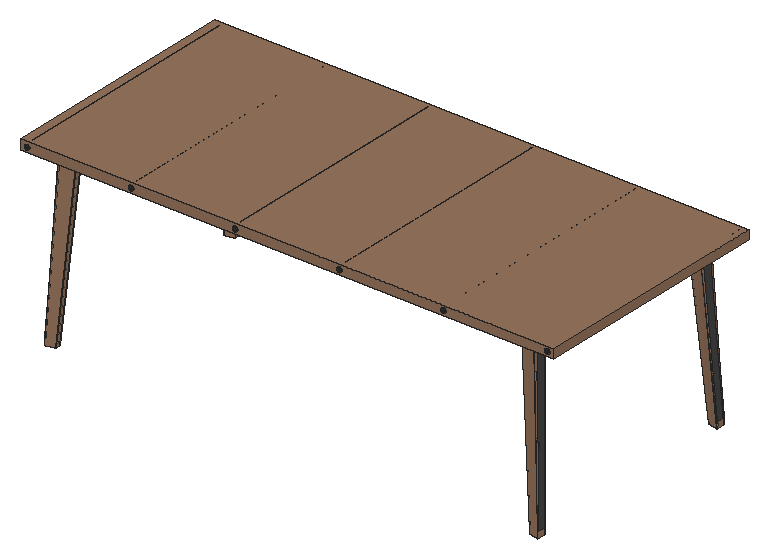
Revit family "FU_Table_Sandler_Salt Pepper 841-27", category Furniture, Revit 2020
Family settings
  OmniClass Number = 23.40.20.00
  OmniClass Title = General Furniture and Specialties
  Work Plane-Based = No
  Always vertical = Yes
  Cut with Voids When Loaded = No
  Shared = No
  Room Calculation Point = No
Parameters (values of type "Salt & Pepper 841.27")
  Width = 2200 mm
  Wood Finish [instance] = Wood - Solid Walnut
  URL = "https://www.sandlerseating.com/product/salt-pepper-841-27/"
  Model = "Salt & Pepper 841.27"
  Metal Finish [instance] = Metal Lacquers - Black
  Manufacturer = "Sandler"
  Height = 740 mm
  Description = "Table with base in solid Black Walnut with 100cm x 220cm / 40″ x 86″ top in solid Black Walnut."
  Depth = 1000 mm
  Default Elevation = 0 mm
Reference planes
  plane 1 "Center (Front/Back)": y = 0
  plane 2: z = 0
  plane 3 "Center (Left/Right)": x = 0
  plane 4 "Right": x = -1100
  plane 5 "Left": x = 1100
  plane 6 "Back": y = 500
  plane 7 "Front": y = -500
  plane 8 "Height": z = 740
  plane 9 "Top Base": z = 700
  plane 10 "Right Leg FRONT": through (-995.6, -1524, 1.81) normal (-0.9977, 0, 0.0675)
  plane 11 "Front Leg RIGHT": through (4267.2, -461.673, 11.515) normal (0, -0.9985, 0.0544)
  plane 12 "Top Holes Right FRONT": x = -1072.06
  plane 13 "Top Holes Left FRONT": x = 1072.06
  plane 14 "Top Holes Horz FRONT": z = 719.911
Forms (mm)
  Extrusion 1, solid, material "Wood - Solid Walnut" <- "Wood Finish"
    sketch origin (0, 0, 700) x (-1, 0, 0) y (0, -1, 0)
      loop
        line (-1100, -500) -> (1100, -500) -> (1100, 500) -> (-1100, 500) -> (-1100, -500)
    from 0 to 40
  SweptBlend 2, solid, material "Wood - Solid Walnut" <- "Wood Finish"
    path origin (-991.182, 0, 67.083) x (-0.067526, 0, -0.997718) y (0, -1, 0)
      loop
        line (73.639, 462.757) -> (-646.82, 423.413)
    profile "Pro_841_LegBase : Pro_841_LegBase" origin (-996.154, -462.757, -6.387) x (-0.003682, 0.998512, -0.054404) y (-0.997718, 0, 0.067526)
      loop
        line (16.101, 21) -> (-16.101, 21)
        arc (-16.101, 21) -> (-17.278, 20.43) -> (-17.56, 19.153) r 1.5
        line (-17.56, 19.153) -> (-8.274, -19.847)
        arc (-8.274, -19.847) -> (-7.745, -20.677) -> (-6.815, -21) r 1.5
        line (-6.815, -21) -> (6.815, -21)
        arc (6.815, -21) -> (7.745, -20.677) -> (8.274, -19.847) r 1.5
        line (8.274, -19.847) -> (17.56, 19.153)
        arc (17.56, 19.153) -> (17.278, 20.43) -> (16.101, 21) r 1.5
    end profile "Pro_841_LegTop : Pro_841_LegTop" origin (-947.505, -423.413, 712.427) x (-0.003682, 0.998512, -0.054404) y (-0.997718, 0, 0.067526)
      loop
        arc (10.829, -32) -> (11.752, -31.682) -> (12.284, -30.864) r 1.5
        line (12.284, -30.864) -> (27.534, 30.136)
        arc (27.534, 30.136) -> (27.261, 31.423) -> (26.079, 32) r 1.5
        line (26.079, 32) -> (-26.079, 32)
        arc (-26.079, 32) -> (-27.261, 31.423) -> (-27.534, 30.136) r 1.5
        line (-27.534, 30.136) -> (-12.284, -30.864)
        arc (-12.284, -30.864) -> (-11.752, -31.682) -> (-10.829, -32) r 1.5
        line (-10.829, -32) -> (10.829, -32)
  Sweep 3, solid, material "Metal Lacquers - Black" <- "Metal Finish"
    path origin (0, -460.932, 25.114) x (0, -0.054404, -0.998519) y (1, 0, 0)
      loop
        line (-0.376, -1015.445) -> (-631.246, -982.979)
        arc (-631.246, -982.979) -> (-662.681, -994.601) -> (-675.903, -1025.397) r 42.474
        line (-675.903, -1025.397) -> (-675.903, -1064.865)
    profile origin (-1045.131, -424.16, 700.016) x (0, -0.054404, -0.998519) y (0, -0.998519, 0.054404)
      loop
        line (-1, -16) -> (3, -16) -> (3, 16) -> (-1, 16) -> (-1, -16)
  Extrusion 4, void
    sketch origin (0, 0, 0) x (1, 0, 0) y (0, 0, 1)
      loop
        circle (-1072.06, 719.911) r 10
    from -550 to 550
  Extrusion 5, void
    sketch origin (2144.119, 0, 0) x (1, 0, 0) y (0, 0, 1)
      loop
        circle (-1072.06, 719.911) r 10
    from -550 to 550
  Extrusion 6, void
    sketch origin (428.824, 0, 0) x (1, 0, 0) y (0, 0, 1)
      loop
        circle (-1072.06, 719.911) r 10
    from -550 to 550
  Extrusion 7, void
    sketch origin (857.648, 0, 0) x (1, 0, 0) y (0, 0, 1)
      loop
        circle (-1072.06, 719.911) r 10
    from -550 to 550
  Extrusion 8, void
    sketch origin (1286.471, 0, 0) x (1, 0, 0) y (0, 0, 1)
      loop
        circle (-1072.06, 719.911) r 10
    from -550 to 550
  Extrusion 9, void
    sketch origin (1715.295, 0, 0) x (1, 0, 0) y (0, 0, 1)
      loop
        circle (-1072.06, 719.911) r 10
    from -550 to 550
  Revolve 10, solid, material "Metal Lacquers - Black" <- "Metal Finish"
    sketch origin (0, 0, 719.911) x (-1, 0, 0) y (0, -1, 0)
      loop
        line (1081.034, 500) -> (1072.06, 500) -> (1072.06, 486.227) -> (1082.036, 486.227) -> (1082.036, 498.998)
        arc (1082.036, 498.998) -> (1081.742, 499.707) -> (1081.034, 500) r 1.002
      axis (1072.06, 500) -> (1072.06, 486.227)
    angle from 0 to 360
  Extrusion 11, void
    sketch origin (0, -500, 0) x (-1, 0, 0) y (0, 0, 1)
      loop
        line (1072.06, 727.83) -> (1065.202, 723.871) -> (1065.202, 715.952) -> (1072.06, 711.993) -> (1078.917, 715.952) -> (1078.917, 723.871) -> (1072.06, 727.83)
    from -5.025 to 5
  Revolve 12, solid, material "Metal Lacquers - Black" <- "Metal Finish"
    sketch origin (2144.119, 0, 719.911) x (-1, 0, 0) y (0, -1, 0)
      loop
        line (1081.034, 500) -> (1072.06, 500) -> (1072.06, 486.227) -> (1082.036, 486.227) -> (1082.036, 498.998)
        arc (1082.036, 498.998) -> (1081.742, 499.707) -> (1081.034, 500) r 1.002
      axis (1072.06, 500) -> (1072.06, 486.227)
    angle from 0 to 360
  Extrusion 13, void
    sketch origin (2144.119, -500, 0) x (-1, 0, 0) y (0, 0, 1)
      loop
        line (1072.06, 727.83) -> (1065.202, 723.871) -> (1065.202, 715.952) -> (1072.06, 711.993) -> (1078.917, 715.952) -> (1078.917, 723.871) -> (1072.06, 727.83)
    from -5.025 to 5
  Revolve 14, solid, material "Metal Lacquers - Black" <- "Metal Finish"
    sketch origin (428.824, 0, 719.911) x (-1, 0, 0) y (0, -1, 0)
      loop
        line (1081.034, 500) -> (1072.06, 500) -> (1072.06, 486.227) -> (1082.036, 486.227) -> (1082.036, 498.998)
        arc (1082.036, 498.998) -> (1081.742, 499.707) -> (1081.034, 500) r 1.002
      axis (1072.06, 500) -> (1072.06, 486.227)
    angle from 0 to 360
  Extrusion 15, void
    sketch origin (428.824, -500, 0) x (-1, 0, 0) y (0, 0, 1)
      loop
        line (1072.06, 727.83) -> (1065.202, 723.871) -> (1065.202, 715.952) -> (1072.06, 711.993) -> (1078.917, 715.952) -> (1078.917, 723.871) -> (1072.06, 727.83)
    from -5.025 to 5
  Revolve 16, solid, material "Metal Lacquers - Black" <- "Metal Finish"
    sketch origin (857.648, 0, 719.911) x (-1, 0, 0) y (0, -1, 0)
      loop
        line (1081.034, 500) -> (1072.06, 500) -> (1072.06, 486.227) -> (1082.036, 486.227) -> (1082.036, 498.998)
        arc (1082.036, 498.998) -> (1081.742, 499.707) -> (1081.034, 500) r 1.002
      axis (1072.06, 500) -> (1072.06, 486.227)
    angle from 0 to 360
  Extrusion 17, void
    sketch origin (857.648, -500, 0) x (-1, 0, 0) y (0, 0, 1)
      loop
        line (1072.06, 727.83) -> (1065.202, 723.871) -> (1065.202, 715.952) -> (1072.06, 711.993) -> (1078.917, 715.952) -> (1078.917, 723.871) -> (1072.06, 727.83)
    from -5.025 to 5
  Revolve 18, solid, material "Metal Lacquers - Black" <- "Metal Finish"
    sketch origin (1286.471, 0, 719.911) x (-1, 0, 0) y (0, -1, 0)
      loop
        line (1081.034, 500) -> (1072.06, 500) -> (1072.06, 486.227) -> (1082.036, 486.227) -> (1082.036, 498.998)
        arc (1082.036, 498.998) -> (1081.742, 499.707) -> (1081.034, 500) r 1.002
      axis (1072.06, 500) -> (1072.06, 486.227)
    angle from 0 to 360
  Extrusion 19, void
    sketch origin (1286.471, -500, 0) x (-1, 0, 0) y (0, 0, 1)
      loop
        line (1072.06, 727.83) -> (1065.202, 723.871) -> (1065.202, 715.952) -> (1072.06, 711.993) -> (1078.917, 715.952) -> (1078.917, 723.871) -> (1072.06, 727.83)
    from -5.025 to 5
  Revolve 20, solid, material "Metal Lacquers - Black" <- "Metal Finish"
    sketch origin (1715.295, 0, 719.911) x (-1, 0, 0) y (0, -1, 0)
      loop
        line (1081.034, 500) -> (1072.06, 500) -> (1072.06, 486.227) -> (1082.036, 486.227) -> (1082.036, 498.998)
        arc (1082.036, 498.998) -> (1081.742, 499.707) -> (1081.034, 500) r 1.002
      axis (1072.06, 500) -> (1072.06, 486.227)
    angle from 0 to 360
  Extrusion 21, void
    sketch origin (1715.295, -500, 0) x (-1, 0, 0) y (0, 0, 1)
      loop
        line (1072.06, 727.83) -> (1065.202, 723.871) -> (1065.202, 715.952) -> (1072.06, 711.993) -> (1078.917, 715.952) -> (1078.917, 723.871) -> (1072.06, 727.83)
    from -5.025 to 5
  Revolve 22, solid, material "Metal Lacquers - Black" <- "Metal Finish"
    sketch origin (0, 0, 719.911) x (-1, 0, 0) y (0, 1, 0)
      loop
        line (1081.034, 500) -> (1072.06, 500) -> (1072.06, 486.227) -> (1082.036, 486.227) -> (1082.036, 498.998)
        arc (1082.036, 498.998) -> (1081.742, 499.707) -> (1081.034, 500) r 1.002
      axis (1072.06, 500) -> (1072.06, 486.227)
    angle from 0 to 360
  Extrusion 23, void
    sketch origin (0, 500, 0) x (-1, 0, 0) y (0, 0, -1)
      loop
        line (1072.06, -727.83) -> (1078.917, -723.871) -> (1078.917, -715.952) -> (1072.06, -711.993) -> (1065.202, -715.952) -> (1065.202, -723.871) -> (1072.06, -727.83)
    from -5.025 to 5
  Revolve 24, solid, material "Metal Lacquers - Black" <- "Metal Finish"
    sketch origin (2144.119, 0, 719.911) x (-1, 0, 0) y (0, 1, 0)
      loop
        line (1081.034, 500) -> (1072.06, 500) -> (1072.06, 486.227) -> (1082.036, 486.227) -> (1082.036, 498.998)
        arc (1082.036, 498.998) -> (1081.742, 499.707) -> (1081.034, 500) r 1.002
      axis (1072.06, 500) -> (1072.06, 486.227)
    angle from 0 to 360
  Extrusion 25, void
    sketch origin (2144.119, 500, 0) x (-1, 0, 0) y (0, 0, -1)
      loop
        line (1072.06, -727.83) -> (1078.917, -723.871) -> (1078.917, -715.952) -> (1072.06, -711.993) -> (1065.202, -715.952) -> (1065.202, -723.871) -> (1072.06, -727.83)
    from -5.025 to 5
  Revolve 26, solid, material "Metal Lacquers - Black" <- "Metal Finish"
    sketch origin (428.824, 0, 719.911) x (-1, 0, 0) y (0, 1, 0)
      loop
        line (1081.034, 500) -> (1072.06, 500) -> (1072.06, 486.227) -> (1082.036, 486.227) -> (1082.036, 498.998)
        arc (1082.036, 498.998) -> (1081.742, 499.707) -> (1081.034, 500) r 1.002
      axis (1072.06, 500) -> (1072.06, 486.227)
    angle from 0 to 360
  Extrusion 27, void
    sketch origin (428.824, 500, 0) x (-1, 0, 0) y (0, 0, -1)
      loop
        line (1072.06, -727.83) -> (1078.917, -723.871) -> (1078.917, -715.952) -> (1072.06, -711.993) -> (1065.202, -715.952) -> (1065.202, -723.871) -> (1072.06, -727.83)
    from -5.025 to 5
  Revolve 28, solid, material "Metal Lacquers - Black" <- "Metal Finish"
    sketch origin (857.648, 0, 719.911) x (-1, 0, 0) y (0, 1, 0)
      loop
        line (1081.034, 500) -> (1072.06, 500) -> (1072.06, 486.227) -> (1082.036, 486.227) -> (1082.036, 498.998)
        arc (1082.036, 498.998) -> (1081.742, 499.707) -> (1081.034, 500) r 1.002
      axis (1072.06, 500) -> (1072.06, 486.227)
    angle from 0 to 360
  Extrusion 29, void
    sketch origin (857.648, 500, 0) x (-1, 0, 0) y (0, 0, -1)
      loop
        line (1072.06, -727.83) -> (1078.917, -723.871) -> (1078.917, -715.952) -> (1072.06, -711.993) -> (1065.202, -715.952) -> (1065.202, -723.871) -> (1072.06, -727.83)
    from -5.025 to 5
  Revolve 30, solid, material "Metal Lacquers - Black" <- "Metal Finish"
    sketch origin (1286.471, 0, 719.911) x (-1, 0, 0) y (0, 1, 0)
      loop
        line (1081.034, 500) -> (1072.06, 500) -> (1072.06, 486.227) -> (1082.036, 486.227) -> (1082.036, 498.998)
        arc (1082.036, 498.998) -> (1081.742, 499.707) -> (1081.034, 500) r 1.002
      axis (1072.06, 500) -> (1072.06, 486.227)
    angle from 0 to 360
  Extrusion 31, void
    sketch origin (1286.471, 500, 0) x (-1, 0, 0) y (0, 0, -1)
      loop
        line (1072.06, -727.83) -> (1078.917, -723.871) -> (1078.917, -715.952) -> (1072.06, -711.993) -> (1065.202, -715.952) -> (1065.202, -723.871) -> (1072.06, -727.83)
    from -5.025 to 5
  Revolve 32, solid, material "Metal Lacquers - Black" <- "Metal Finish"
    sketch origin (1715.295, 0, 719.911) x (-1, 0, 0) y (0, 1, 0)
      loop
        line (1081.034, 500) -> (1072.06, 500) -> (1072.06, 486.227) -> (1082.036, 486.227) -> (1082.036, 498.998)
        arc (1082.036, 498.998) -> (1081.742, 499.707) -> (1081.034, 500) r 1.002
      axis (1072.06, 500) -> (1072.06, 486.227)
    angle from 0 to 360
  Extrusion 33, void
    sketch origin (1715.295, 500, 0) x (-1, 0, 0) y (0, 0, -1)
      loop
        line (1072.06, -727.83) -> (1078.917, -723.871) -> (1078.917, -715.952) -> (1072.06, -711.993) -> (1065.202, -715.952) -> (1065.202, -723.871) -> (1072.06, -727.83)
    from -5.025 to 5
  SweptBlend 34, solid, material "Wood - Solid Walnut" <- "Wood Finish"
    path origin (991.182, 0, 67.083) x (0.067526, 0, -0.997718) y (0, 1, 0)
      loop
        line (73.639, -462.757) -> (-646.82, -423.413)
    profile "Pro_841_LegBase : Pro_841_LegBase" origin (996.154, -462.757, -6.387) x (-0.003682, -0.998512, 0.054404) y (0.997718, 0, 0.067526)
      loop
        arc (-16.101, 21) -> (-17.278, 20.43) -> (-17.56, 19.153) r 1.5
        line (-17.56, 19.153) -> (-8.274, -19.847)
        arc (-8.274, -19.847) -> (-7.745, -20.677) -> (-6.815, -21) r 1.5
        line (-6.815, -21) -> (6.815, -21)
        arc (6.815, -21) -> (7.745, -20.677) -> (8.274, -19.847) r 1.5
        line (8.274, -19.847) -> (17.56, 19.153)
        arc (17.56, 19.153) -> (17.278, 20.43) -> (16.101, 21) r 1.5
        line (16.101, 21) -> (-16.101, 21)
    end profile "Pro_841_LegTop : Pro_841_LegTop" origin (947.505, -423.413, 712.427) x (-0.003682, -0.998512, 0.054404) y (0.997718, 0, 0.067526)
      loop
        line (-10.829, -32) -> (10.829, -32)
        arc (10.829, -32) -> (11.752, -31.682) -> (12.284, -30.864) r 1.5
        line (12.284, -30.864) -> (27.534, 30.136)
        arc (27.534, 30.136) -> (27.261, 31.423) -> (26.079, 32) r 1.5
        line (26.079, 32) -> (-26.079, 32)
        arc (-26.079, 32) -> (-27.261, 31.423) -> (-27.534, 30.136) r 1.5
        line (-27.534, 30.136) -> (-12.284, -30.864)
        arc (-12.284, -30.864) -> (-11.752, -31.682) -> (-10.829, -32) r 1.5
  Sweep 35, solid, material "Metal Lacquers - Black" <- "Metal Finish"
    path origin (0, -460.932, 25.114) x (0, -0.054404, -0.998519) y (-1, 0, 0)
      loop
        line (-0.376, -1015.445) -> (-631.246, -982.979)
        arc (-631.246, -982.979) -> (-662.681, -994.601) -> (-675.903, -1025.397) r 42.474
        line (-675.903, -1025.397) -> (-675.903, -1064.865)
    profile origin (1045.131, -424.16, 700.016) x (0, 0.054404, 0.998519) y (0, -0.998519, 0.054404)
      loop
        line (1, -16) -> (1, 16) -> (-3, 16) -> (-3, -16) -> (1, -16)
  SweptBlend 36, solid, material "Wood - Solid Walnut" <- "Wood Finish"
    path origin (-991.182, 0, 67.083) x (-0.067526, 0, -0.997718) y (0, 1, 0)
      loop
        line (73.639, 462.757) -> (-646.82, 423.413)
    profile "Pro_841_LegBase : Pro_841_LegBase" origin (-996.154, 462.757, -6.387) x (0.003682, 0.998512, 0.054404) y (-0.997718, 0, 0.067526)
      loop
        arc (-16.101, 21) -> (-17.278, 20.43) -> (-17.56, 19.153) r 1.5
        line (-17.56, 19.153) -> (-8.274, -19.847)
        arc (-8.274, -19.847) -> (-7.745, -20.677) -> (-6.815, -21) r 1.5
        line (-6.815, -21) -> (6.815, -21)
        arc (6.815, -21) -> (7.745, -20.677) -> (8.274, -19.847) r 1.5
        line (8.274, -19.847) -> (17.56, 19.153)
        arc (17.56, 19.153) -> (17.278, 20.43) -> (16.101, 21) r 1.5
        line (16.101, 21) -> (-16.101, 21)
    end profile "Pro_841_LegTop : Pro_841_LegTop" origin (-947.505, 423.413, 712.427) x (0.003682, 0.998512, 0.054404) y (-0.997718, 0, 0.067526)
      loop
        line (-10.829, -32) -> (10.829, -32)
        arc (10.829, -32) -> (11.752, -31.682) -> (12.284, -30.864) r 1.5
        line (12.284, -30.864) -> (27.534, 30.136)
        arc (27.534, 30.136) -> (27.261, 31.423) -> (26.079, 32) r 1.5
        line (26.079, 32) -> (-26.079, 32)
        arc (-26.079, 32) -> (-27.261, 31.423) -> (-27.534, 30.136) r 1.5
        line (-27.534, 30.136) -> (-12.284, -30.864)
        arc (-12.284, -30.864) -> (-11.752, -31.682) -> (-10.829, -32) r 1.5
  Sweep 37, solid, material "Metal Lacquers - Black" <- "Metal Finish"
    path origin (0, 460.932, 25.114) x (0, 0.054404, -0.998519) y (-1, 0, 0)
      loop
        line (-0.376, 1015.445) -> (-631.246, 982.979)
        arc (-631.246, 982.979) -> (-662.681, 994.601) -> (-675.903, 1025.397) r 42.474
        line (-675.903, 1025.397) -> (-675.903, 1064.865)
    profile origin (-1045.131, 424.16, 700.016) x (0, -0.054404, 0.998519) y (0, 0.998519, 0.054404)
      loop
        line (1, -16) -> (1, 16) -> (-3, 16) -> (-3, -16) -> (1, -16)
  SweptBlend 38, solid, material "Wood - Solid Walnut" <- "Wood Finish"
    path origin (991.182, 0, 67.083) x (0.067526, 0, -0.997718) y (0, 1, 0)
      loop
        line (73.639, 462.757) -> (-646.82, 423.413)
    profile "Pro_841_LegBase : Pro_841_LegBase" origin (996.154, 462.757, -6.387) x (0.003682, -0.998512, -0.054404) y (0.997718, 0, 0.067526)
      loop
        line (16.101, 21) -> (-16.101, 21)
        arc (-16.101, 21) -> (-17.278, 20.43) -> (-17.56, 19.153) r 1.5
        line (-17.56, 19.153) -> (-8.274, -19.847)
        arc (-8.274, -19.847) -> (-7.745, -20.677) -> (-6.815, -21) r 1.5
        line (-6.815, -21) -> (6.815, -21)
        arc (6.815, -21) -> (7.745, -20.677) -> (8.274, -19.847) r 1.5
        line (8.274, -19.847) -> (17.56, 19.153)
        arc (17.56, 19.153) -> (17.278, 20.43) -> (16.101, 21) r 1.5
    end profile "Pro_841_LegTop : Pro_841_LegTop" origin (947.505, 423.413, 712.427) x (0.003682, -0.998512, -0.054404) y (0.997718, 0, 0.067526)
      loop
        arc (10.829, -32) -> (11.752, -31.682) -> (12.284, -30.864) r 1.5
        line (12.284, -30.864) -> (27.534, 30.136)
        arc (27.534, 30.136) -> (27.261, 31.423) -> (26.079, 32) r 1.5
        line (26.079, 32) -> (-26.079, 32)
        arc (-26.079, 32) -> (-27.261, 31.423) -> (-27.534, 30.136) r 1.5
        line (-27.534, 30.136) -> (-12.284, -30.864)
        arc (-12.284, -30.864) -> (-11.752, -31.682) -> (-10.829, -32) r 1.5
        line (-10.829, -32) -> (10.829, -32)
  Sweep 39, solid, material "Metal Lacquers - Black" <- "Metal Finish"
    path origin (0, 460.932, 25.114) x (0, 0.054404, -0.998519) y (-1, 0, 0)
      loop
        line (-0.376, -1015.445) -> (-631.246, -982.979)
        arc (-631.246, -982.979) -> (-662.681, -994.601) -> (-675.903, -1025.397) r 42.474
        line (-675.903, -1025.397) -> (-675.903, -1064.865)
    profile origin (1045.131, 424.16, 700.016) x (0, 0.054404, -0.998519) y (0, 0.998519, 0.054404)
      loop
        line (-1, -16) -> (3, -16) -> (3, 16) -> (-1, 16) -> (-1, -16)
  Extrusion 40, void
    sketch origin (0, 0, 0) x (1, 0, 0) y (0, 0, 1)
      loop
        line (-1024.032, -15) -> (-969.032, -15) -> (-969.032, 0) -> (-1024.032, 0) -> (-1024.032, -15)
    from 426.355 to 500
  Extrusion 41, void
    sketch origin (0, 0, 0) x (-1, 0, 0) y (0, 0, -1)
      loop
        line (-1024.032, 15) -> (-1024.032, 0) -> (-969.032, 0) -> (-969.032, 15) -> (-1024.032, 15)
    from 426.355 to 500
  Extrusion 42, void
    sketch origin (0, 0, 0) x (1, 0, 0) y (0, 0, -1)
      loop
        line (-1024.032, 15) -> (-1024.032, 0) -> (-969.032, 0) -> (-969.032, 15) -> (-1024.032, 15)
    from 426.355 to 500
  Extrusion 43, void
    sketch origin (0, 0, 0) x (-1, 0, 0) y (0, 0, 1)
      loop
        line (-1024.032, -15) -> (-969.032, -15) -> (-969.032, 0) -> (-1024.032, 0) -> (-1024.032, -15)
    from 426.355 to 500
Cuts and joins
  Extrusion 4, Extrusion 5, Extrusion 6, Extrusion 7, Extrusion 8, Extrusion 9 cuts Extrusion 1
  Extrusion 11, Extrusion 13, Extrusion 23 cuts Revolve 10
  Extrusion 13, Extrusion 25 cuts Revolve 12
  Extrusion 15, Extrusion 27 cuts Revolve 14
  Extrusion 17, Extrusion 29 cuts Revolve 16
  Extrusion 19, Extrusion 31 cuts Revolve 18
  Extrusion 21, Extrusion 33 cuts Revolve 20
  Extrusion 23 cuts Revolve 22
  Extrusion 25 cuts Revolve 24
  Extrusion 27 cuts Revolve 26
  Extrusion 29 cuts Revolve 28
  Extrusion 31 cuts Revolve 30
  Extrusion 33 cuts Revolve 32
  Extrusion 41 cuts SweptBlend 34
  Extrusion 43 cuts SweptBlend 38
  Extrusion 40 cuts SweptBlend 2
  Extrusion 42 cuts SweptBlend 36
Dimensions and locks
  equal spacing: plane 4 "Right", plane 3 "Center (Left/Right)", plane 5 "Left"
  "Width": plane 4 "Right" to plane 5 "Left"
  equal spacing: plane 6 "Back", plane 1 "Center (Front/Back)", plane 7 "Front"
  "Depth": plane 6 "Back" to plane 7 "Front"
  "Height": plane 8 "Height" to level
  locked: plane 8 "Height" to plane 9 "Top Base" at 40
  aligned and locked: level to plane 2
  aligned and locked: plane 8 "Height" to Extrusion 1
  aligned and locked: Extrusion 1 to plane 8 "Height"  (x3)
Automatic sketch dimensions
  Extrusion 1 sketch curve to plane 5 "Left" = 0 mm
  Extrusion 1 sketch curve to plane 4 "Right" = 0 mm
  Extrusion 1 sketch curve to plane 6 "Back" = 0 mm
  Extrusion 1 sketch curve to plane 7 "Front" = 0 mm
  plane 7 "Front" to SweptBlend 2 sketch curve = 76.587 mm
  plane 7 "Front" to SweptBlend 2 sketch curve = 37.243 mm
  SweptBlend 2 sketch curve to SweptBlend 2 sketch curve = 720.458 mm
  Sweep 3 sketch curve to plane 12 "Top Holes Right FRONT" = 46.663 mm
  Sweep 3 sketch curve to Sweep 3 sketch curve = 42.474 mm
  Sweep 3 sketch curve to plane 12 "Top Holes Right FRONT" = 89.08 mm
  Sweep 3 sketch curve to plane 12 "Top Holes Right FRONT" = 56.614 mm
  Sweep 3 sketch curve to Sweep 3 sketch curve = 630.87 mm
  Sweep 3 sketch curve to plane 12 "Top Holes Right FRONT" = 7.195 mm
  profile plane to Sweep 3 sketch curve = 1 mm
  Sweep 3 sketch curve to profile plane = 3 mm
  Sweep 3 sketch curve to plane 11 "Front Leg RIGHT" = 16 mm
  plane 11 "Front Leg RIGHT" to Sweep 3 sketch curve = 16 mm
  plane 12 "Top Holes Right FRONT" to Extrusion 4 sketch curve = 0 mm
  Extrusion 4 sketch curve to plane 14 "Top Holes Horz FRONT" = 0 mm
  Extrusion 5 sketch curve to plane 13 "Top Holes Left FRONT" = 0 mm
  Extrusion 5 sketch curve to plane 14 "Top Holes Horz FRONT" = 0 mm
  Extrusion 6 sketch curve to plane 14 "Top Holes Horz FRONT" = 0 mm
  Extrusion 6 sketch curve to plane 12 "Top Holes Right FRONT" = 428.824 mm
  Extrusion 7 sketch curve to plane 14 "Top Holes Horz FRONT" = 0 mm
  Extrusion 7 sketch curve to plane 3 "Center (Left/Right)" = 214.412 mm
  Extrusion 8 sketch curve to plane 14 "Top Holes Horz FRONT" = 0 mm
  plane 3 "Center (Left/Right)" to Extrusion 8 sketch curve = 214.412 mm
  Extrusion 9 sketch curve to plane 14 "Top Holes Horz FRONT" = 0 mm
  Extrusion 9 sketch curve to plane 13 "Top Holes Left FRONT" = 428.824 mm
  Revolve 10 sketch curve to plane 7 "Front" = 0 mm
  Revolve 10 sketch curve to plane 12 "Top Holes Right FRONT" = 0 mm  (x2)
  plane 7 "Front" to Revolve 10 sketch curve = 1.002 mm
  plane 12 "Top Holes Right FRONT" to Revolve 10 sketch curve = 8.974 mm
  plane 7 "Front" to Revolve 10 sketch curve = 13.773 mm
  Revolve 10 sketch curve to Revolve 10 sketch curve = 1.656 mm
  Revolve 10 sketch curve to Revolve 10 sketch curve = 3.785 mm
  plane 12 "Top Holes Right FRONT" to Extrusion 11 sketch curve = 0 mm  (x2)
  Extrusion 11 sketch curve to plane 12 "Top Holes Right FRONT" = 6.857 mm
  plane 12 "Top Holes Right FRONT" to Extrusion 11 sketch curve = 6.857 mm
  Extrusion 11 sketch curve to plane 14 "Top Holes Horz FRONT" = 7.918 mm
  Extrusion 11 sketch curve to plane 14 "Top Holes Horz FRONT" = 3.959 mm  (x2)
  plane 14 "Top Holes Horz FRONT" to Extrusion 11 sketch curve = 3.959 mm  (x2)
  Extrusion 11 sketch curve to Extrusion 11 sketch curve = 3.959 mm
  Revolve 12 sketch curve to plane 7 "Front" = 0 mm
  Revolve 12 sketch curve to plane 13 "Top Holes Left FRONT" = 0 mm  (x2)
  plane 7 "Front" to Revolve 12 sketch curve = 1.002 mm
  Revolve 12 sketch curve to plane 13 "Top Holes Left FRONT" = 8.974 mm
  plane 7 "Front" to Revolve 12 sketch curve = 13.773 mm
  Revolve 12 sketch curve to Revolve 12 sketch curve = 1.656 mm
  Revolve 12 sketch curve to Revolve 12 sketch curve = 3.785 mm
  Extrusion 13 sketch curve to plane 13 "Top Holes Left FRONT" = 0 mm  (x2)
  plane 13 "Top Holes Left FRONT" to Extrusion 13 sketch curve = 6.857 mm
  Extrusion 13 sketch curve to plane 13 "Top Holes Left FRONT" = 6.857 mm
  Extrusion 13 sketch curve to plane 14 "Top Holes Horz FRONT" = 7.918 mm
  Extrusion 13 sketch curve to plane 14 "Top Holes Horz FRONT" = 3.959 mm  (x2)
  plane 14 "Top Holes Horz FRONT" to Extrusion 13 sketch curve = 3.959 mm  (x2)
  Extrusion 13 sketch curve to Extrusion 13 sketch curve = 3.959 mm
  Revolve 14 sketch curve to plane 7 "Front" = 0 mm
  Revolve 14 sketch curve to plane 12 "Top Holes Right FRONT" = 428.824 mm
  plane 7 "Front" to Revolve 14 sketch curve = 1.002 mm
  Revolve 14 sketch curve to Revolve 14 sketch curve = 8.974 mm
  plane 7 "Front" to Revolve 14 sketch curve = 13.773 mm
  Revolve 14 sketch curve to Revolve 14 sketch curve = 0 mm
  Revolve 14 sketch curve to Revolve 14 sketch curve = 1.656 mm
  Revolve 14 sketch curve to Revolve 14 sketch curve = 3.785 mm
  plane 14 "Top Holes Horz FRONT" to Extrusion 15 sketch curve = 3.959 mm  (x2)
  Extrusion 15 sketch curve to plane 12 "Top Holes Right FRONT" = 435.681 mm
  plane 14 "Top Holes Horz FRONT" to Extrusion 15 sketch curve = 7.918 mm
  Extrusion 15 sketch curve to Extrusion 15 sketch curve = 6.857 mm  (x3)
  Extrusion 15 sketch curve to plane 14 "Top Holes Horz FRONT" = 7.918 mm
  Extrusion 15 sketch curve to plane 14 "Top Holes Horz FRONT" = 3.959 mm  (x2)
  Revolve 16 sketch curve to plane 7 "Front" = 0 mm
  Revolve 16 sketch curve to plane 3 "Center (Left/Right)" = 214.412 mm
  plane 7 "Front" to Revolve 16 sketch curve = 1.002 mm
  Revolve 16 sketch curve to Revolve 16 sketch curve = 8.974 mm
  plane 7 "Front" to Revolve 16 sketch curve = 13.773 mm
  Revolve 16 sketch curve to Revolve 16 sketch curve = 0 mm
  Revolve 16 sketch curve to Revolve 16 sketch curve = 1.656 mm
  Revolve 16 sketch curve to Revolve 16 sketch curve = 3.785 mm
  plane 14 "Top Holes Horz FRONT" to Extrusion 17 sketch curve = 3.959 mm  (x2)
  Extrusion 17 sketch curve to plane 3 "Center (Left/Right)" = 207.554 mm
  plane 14 "Top Holes Horz FRONT" to Extrusion 17 sketch curve = 7.918 mm
  Extrusion 17 sketch curve to Extrusion 17 sketch curve = 6.857 mm  (x3)
  Extrusion 17 sketch curve to plane 14 "Top Holes Horz FRONT" = 7.918 mm
  Extrusion 17 sketch curve to plane 14 "Top Holes Horz FRONT" = 3.959 mm  (x2)
  Revolve 18 sketch curve to plane 7 "Front" = 0 mm
  plane 3 "Center (Left/Right)" to Revolve 18 sketch curve = 214.412 mm
  plane 7 "Front" to Revolve 18 sketch curve = 1.002 mm
  Revolve 18 sketch curve to Revolve 18 sketch curve = 8.974 mm
  Revolve 18 sketch curve to Revolve 18 sketch curve = 13.773 mm
  Revolve 18 sketch curve to Revolve 18 sketch curve = 0 mm
  Revolve 18 sketch curve to Revolve 18 sketch curve = 1.656 mm
  Revolve 18 sketch curve to plane 7 "Front" = 3.785 mm
  plane 14 "Top Holes Horz FRONT" to Extrusion 19 sketch curve = 3.959 mm  (x2)
  plane 3 "Center (Left/Right)" to Extrusion 19 sketch curve = 221.269 mm
  plane 14 "Top Holes Horz FRONT" to Extrusion 19 sketch curve = 7.918 mm
  Extrusion 19 sketch curve to Extrusion 19 sketch curve = 6.857 mm  (x3)
  Extrusion 19 sketch curve to plane 14 "Top Holes Horz FRONT" = 7.918 mm
  Extrusion 19 sketch curve to plane 14 "Top Holes Horz FRONT" = 3.959 mm  (x2)
  Revolve 20 sketch curve to plane 7 "Front" = 0 mm
  Revolve 20 sketch curve to plane 13 "Top Holes Left FRONT" = 428.824 mm
  plane 7 "Front" to Revolve 20 sketch curve = 1.002 mm
  Revolve 20 sketch curve to Revolve 20 sketch curve = 8.974 mm
  Revolve 20 sketch curve to Revolve 20 sketch curve = 13.773 mm
  Revolve 20 sketch curve to Revolve 20 sketch curve = 0 mm
  Revolve 20 sketch curve to Revolve 20 sketch curve = 1.656 mm
  Revolve 20 sketch curve to plane 7 "Front" = 3.785 mm
  plane 14 "Top Holes Horz FRONT" to Extrusion 21 sketch curve = 3.959 mm  (x2)
  Extrusion 21 sketch curve to plane 13 "Top Holes Left FRONT" = 421.966 mm
  plane 14 "Top Holes Horz FRONT" to Extrusion 21 sketch curve = 7.918 mm
  Extrusion 21 sketch curve to Extrusion 21 sketch curve = 6.857 mm  (x3)
  Extrusion 21 sketch curve to plane 14 "Top Holes Horz FRONT" = 7.918 mm
  Extrusion 21 sketch curve to plane 14 "Top Holes Horz FRONT" = 3.959 mm  (x2)
  Revolve 22 sketch curve to plane 6 "Back" = 0 mm
  Revolve 22 sketch curve to plane 12 "Top Holes Right FRONT" = 0 mm  (x2)
  plane 6 "Back" to Revolve 22 sketch curve = 1.002 mm
  Revolve 22 sketch curve to plane 12 "Top Holes Right FRONT" = 8.974 mm
  plane 6 "Back" to Revolve 22 sketch curve = 13.773 mm
  Revolve 22 sketch curve to Revolve 22 sketch curve = 1.656 mm
  Revolve 22 sketch curve to Revolve 22 sketch curve = 3.785 mm
  plane 12 "Top Holes Right FRONT" to Extrusion 23 sketch curve = 0 mm  (x2)
  Extrusion 23 sketch curve to plane 12 "Top Holes Right FRONT" = 6.857 mm
  plane 12 "Top Holes Right FRONT" to Extrusion 23 sketch curve = 6.857 mm
  plane 14 "Top Holes Horz FRONT" to Extrusion 23 sketch curve = 7.918 mm
  plane 14 "Top Holes Horz FRONT" to Extrusion 23 sketch curve = 3.959 mm  (x2)
  Extrusion 23 sketch curve to plane 14 "Top Holes Horz FRONT" = 3.959 mm  (x2)
  Extrusion 23 sketch curve to Extrusion 23 sketch curve = 3.959 mm
  Revolve 24 sketch curve to plane 6 "Back" = 0 mm
  Revolve 24 sketch curve to plane 13 "Top Holes Left FRONT" = 0 mm  (x2)
  plane 6 "Back" to Revolve 24 sketch curve = 1.002 mm
  plane 13 "Top Holes Left FRONT" to Revolve 24 sketch curve = 8.974 mm
  plane 6 "Back" to Revolve 24 sketch curve = 13.773 mm
  Revolve 24 sketch curve to Revolve 24 sketch curve = 1.656 mm
  Revolve 24 sketch curve to Revolve 24 sketch curve = 3.785 mm
  Extrusion 25 sketch curve to plane 13 "Top Holes Left FRONT" = 0 mm  (x2)
  plane 13 "Top Holes Left FRONT" to Extrusion 25 sketch curve = 6.857 mm
  Extrusion 25 sketch curve to plane 13 "Top Holes Left FRONT" = 6.857 mm
  plane 14 "Top Holes Horz FRONT" to Extrusion 25 sketch curve = 7.918 mm
  plane 14 "Top Holes Horz FRONT" to Extrusion 25 sketch curve = 3.959 mm  (x2)
  Extrusion 25 sketch curve to plane 14 "Top Holes Horz FRONT" = 3.959 mm  (x2)
  Extrusion 25 sketch curve to plane 14 "Top Holes Horz FRONT" = 7.918 mm
  Revolve 26 sketch curve to plane 6 "Back" = 0 mm
  plane 12 "Top Holes Right FRONT" to Revolve 26 sketch curve = 428.824 mm
  plane 6 "Back" to Revolve 26 sketch curve = 1.002 mm
  Revolve 26 sketch curve to Revolve 26 sketch curve = 8.974 mm
  plane 6 "Back" to Revolve 26 sketch curve = 13.773 mm
  Revolve 26 sketch curve to Revolve 26 sketch curve = 0 mm
  Revolve 26 sketch curve to Revolve 26 sketch curve = 1.656 mm
  Revolve 26 sketch curve to Revolve 26 sketch curve = 3.785 mm
  plane 14 "Top Holes Horz FRONT" to Extrusion 27 sketch curve = 3.959 mm  (x2)
  Extrusion 27 sketch curve to plane 12 "Top Holes Right FRONT" = 435.681 mm
  plane 14 "Top Holes Horz FRONT" to Extrusion 27 sketch curve = 7.918 mm
  Extrusion 27 sketch curve to Extrusion 27 sketch curve = 6.857 mm  (x3)
  Extrusion 27 sketch curve to plane 14 "Top Holes Horz FRONT" = 7.918 mm
  Extrusion 27 sketch curve to plane 14 "Top Holes Horz FRONT" = 3.959 mm  (x2)
  Revolve 28 sketch curve to plane 6 "Back" = 0 mm
  plane 3 "Center (Left/Right)" to Revolve 28 sketch curve = 214.412 mm
  plane 6 "Back" to Revolve 28 sketch curve = 1.002 mm
  Revolve 28 sketch curve to Revolve 28 sketch curve = 8.974 mm
  plane 6 "Back" to Revolve 28 sketch curve = 13.773 mm
  Revolve 28 sketch curve to Revolve 28 sketch curve = 0 mm
  Revolve 28 sketch curve to Revolve 28 sketch curve = 1.656 mm
  Revolve 28 sketch curve to Revolve 28 sketch curve = 3.785 mm
  plane 14 "Top Holes Horz FRONT" to Extrusion 29 sketch curve = 3.959 mm  (x2)
  Extrusion 29 sketch curve to plane 3 "Center (Left/Right)" = 207.554 mm
  plane 14 "Top Holes Horz FRONT" to Extrusion 29 sketch curve = 7.918 mm
  Extrusion 29 sketch curve to Extrusion 29 sketch curve = 6.857 mm  (x3)
  Extrusion 29 sketch curve to plane 14 "Top Holes Horz FRONT" = 7.918 mm
  Extrusion 29 sketch curve to plane 14 "Top Holes Horz FRONT" = 3.959 mm  (x2)
  Revolve 30 sketch curve to plane 6 "Back" = 0 mm
  Revolve 30 sketch curve to plane 3 "Center (Left/Right)" = 214.412 mm
  plane 6 "Back" to Revolve 30 sketch curve = 1.002 mm
  Revolve 30 sketch curve to Revolve 30 sketch curve = 8.974 mm
  plane 6 "Back" to Revolve 30 sketch curve = 13.773 mm
  Revolve 30 sketch curve to Revolve 30 sketch curve = 0 mm
  Revolve 30 sketch curve to Revolve 30 sketch curve = 1.656 mm
  Revolve 30 sketch curve to Revolve 30 sketch curve = 3.785 mm
  plane 14 "Top Holes Horz FRONT" to Extrusion 31 sketch curve = 3.959 mm  (x2)
  plane 3 "Center (Left/Right)" to Extrusion 31 sketch curve = 221.269 mm
  plane 14 "Top Holes Horz FRONT" to Extrusion 31 sketch curve = 7.918 mm
  Extrusion 31 sketch curve to Extrusion 31 sketch curve = 6.857 mm  (x3)
  Extrusion 31 sketch curve to plane 14 "Top Holes Horz FRONT" = 7.918 mm
  Extrusion 31 sketch curve to plane 14 "Top Holes Horz FRONT" = 3.959 mm  (x2)
  Revolve 32 sketch curve to plane 6 "Back" = 0 mm
  plane 13 "Top Holes Left FRONT" to Revolve 32 sketch curve = 428.824 mm
  plane 6 "Back" to Revolve 32 sketch curve = 1.002 mm
  Revolve 32 sketch curve to Revolve 32 sketch curve = 8.974 mm
  plane 6 "Back" to Revolve 32 sketch curve = 13.773 mm
  Revolve 32 sketch curve to Revolve 32 sketch curve = 0 mm
  Revolve 32 sketch curve to Revolve 32 sketch curve = 1.656 mm
  Revolve 32 sketch curve to Revolve 32 sketch curve = 3.785 mm
  plane 14 "Top Holes Horz FRONT" to Extrusion 33 sketch curve = 3.959 mm  (x2)
  Extrusion 33 sketch curve to plane 13 "Top Holes Left FRONT" = 421.966 mm
  plane 14 "Top Holes Horz FRONT" to Extrusion 33 sketch curve = 7.918 mm
  Extrusion 33 sketch curve to Extrusion 33 sketch curve = 6.857 mm  (x3)
  Extrusion 33 sketch curve to plane 14 "Top Holes Horz FRONT" = 7.918 mm
  Extrusion 33 sketch curve to plane 14 "Top Holes Horz FRONT" = 3.959 mm  (x2)
  plane 7 "Front" to SweptBlend 34 sketch curve = 76.587 mm
  plane 7 "Front" to SweptBlend 34 sketch curve = 37.243 mm
  SweptBlend 34 sketch curve to SweptBlend 34 sketch curve = 720.458 mm
  plane 13 "Top Holes Left FRONT" to Sweep 35 sketch curve = 46.663 mm
  Sweep 35 sketch curve to Sweep 35 sketch curve = 42.474 mm
  plane 13 "Top Holes Left FRONT" to Sweep 35 sketch curve = 89.08 mm
  plane 13 "Top Holes Left FRONT" to Sweep 35 sketch curve = 56.614 mm
  Sweep 35 sketch curve to Sweep 35 sketch curve = 630.87 mm
  plane 13 "Top Holes Left FRONT" to Sweep 35 sketch curve = 7.195 mm
  profile plane to Sweep 35 sketch curve = 3 mm
  Sweep 35 sketch curve to profile plane = 1 mm
  Sweep 35 sketch curve to plane 11 "Front Leg RIGHT" = 16 mm
  plane 11 "Front Leg RIGHT" to Sweep 35 sketch curve = 16 mm
  plane 6 "Back" to SweptBlend 36 sketch curve = 76.587 mm
  plane 6 "Back" to SweptBlend 36 sketch curve = 37.243 mm
  SweptBlend 36 sketch curve to SweptBlend 36 sketch curve = 720.458 mm
  Sweep 37 sketch curve to plane 12 "Top Holes Right FRONT" = 46.663 mm
  Sweep 37 sketch curve to Sweep 37 sketch curve = 42.474 mm
  Sweep 37 sketch curve to plane 12 "Top Holes Right FRONT" = 89.08 mm
  Sweep 37 sketch curve to plane 12 "Top Holes Right FRONT" = 56.614 mm
  Sweep 37 sketch curve to Sweep 37 sketch curve = 630.87 mm
  Sweep 37 sketch curve to plane 12 "Top Holes Right FRONT" = 7.195 mm
  profile plane to Sweep 37 sketch curve = 3 mm
  Sweep 37 sketch curve to profile plane = 1 mm
  Sweep 37 sketch curve to profile plane = 16 mm
  profile plane to Sweep 37 sketch curve = 16 mm
  SweptBlend 38 sketch curve to plane 6 "Back" = 76.587 mm
  SweptBlend 38 sketch curve to plane 6 "Back" = 37.243 mm
  SweptBlend 38 sketch curve to SweptBlend 38 sketch curve = 720.458 mm
  Sweep 39 sketch curve to plane 13 "Top Holes Left FRONT" = 46.663 mm
  Sweep 39 sketch curve to Sweep 39 sketch curve = 42.474 mm
  Sweep 39 sketch curve to plane 13 "Top Holes Left FRONT" = 89.08 mm
  Sweep 39 sketch curve to plane 13 "Top Holes Left FRONT" = 56.614 mm
  Sweep 39 sketch curve to Sweep 39 sketch curve = 630.87 mm
  Sweep 39 sketch curve to plane 13 "Top Holes Left FRONT" = 7.195 mm
  profile plane to Sweep 39 sketch curve = 1 mm
  Sweep 39 sketch curve to profile plane = 3 mm
  Sweep 39 sketch curve to profile plane = 16 mm
  profile plane to Sweep 39 sketch curve = 16 mm
  Extrusion 40 sketch curve to level = 0 mm
  Extrusion 40 sketch curve to plane 12 "Top Holes Right FRONT" = 48.027 mm
  Extrusion 40 sketch curve to Extrusion 40 sketch curve = 55 mm
  Extrusion 40 sketch curve to level = 15 mm
  Extrusion 41 sketch curve to level = 0 mm
  plane 13 "Top Holes Left FRONT" to Extrusion 41 sketch curve = 48.027 mm
  Extrusion 41 sketch curve to Extrusion 41 sketch curve = 55 mm
  level to Extrusion 41 sketch curve = 15 mm
  Extrusion 42 sketch curve to level = 0 mm
  Extrusion 42 sketch curve to plane 12 "Top Holes Right FRONT" = 48.027 mm
  Extrusion 42 sketch curve to Extrusion 42 sketch curve = 55 mm
  Extrusion 42 sketch curve to level = 15 mm
  Extrusion 43 sketch curve to level = 0 mm
  Extrusion 43 sketch curve to plane 13 "Top Holes Left FRONT" = 48.027 mm
  Extrusion 43 sketch curve to Extrusion 43 sketch curve = 55 mm
  Extrusion 43 sketch curve to level = 15 mm
  radius of Extrusion 4 sketch curve = 10 mm
  radius of Extrusion 5 sketch curve = 10 mm
  radius of Extrusion 6 sketch curve = 10 mm
  radius of Extrusion 7 sketch curve = 10 mm
  radius of Extrusion 8 sketch curve = 10 mm
  radius of Extrusion 9 sketch curve = 10 mm
